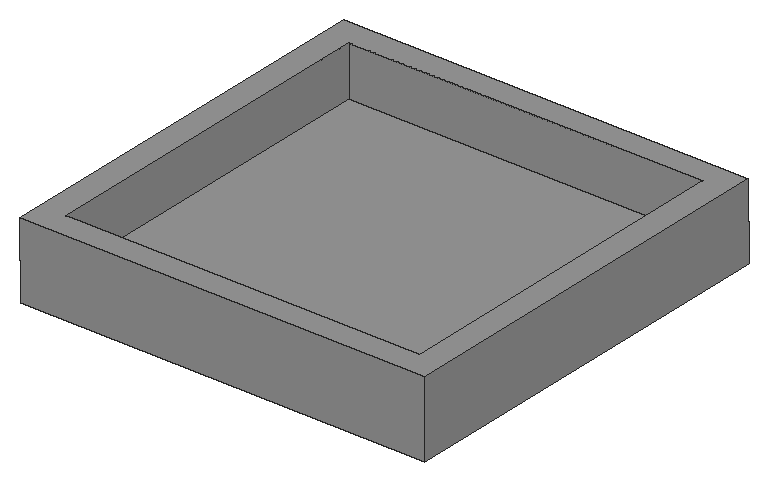
Revit family "Mop_Sink-Willoughby-WMS-32326", category Plumbing Fixtures, Revit 2015
Parameters (values of type "32326")
  Width = 2' - 8"
  Waste DIA = 1 1/2"
  Waste Connection = yes
  Void Width/Depth = Width - 0' 4"  # 2' - 4"
  Void Height = Height - 0' 0 3/16"  # 0' - 5 13/16"
  Vent Connection = no
  URL = "https://www.willoughby-ind.com/wp-content/uploads/2018/01/WMS-MOP-SINK.pdf"
  Revision = "A"
  Model = "WMS-32326"
  Manufacturer = "Willoughby Industries"
  Height = 0' - 6"
  HW Connection = no
  Fixture Body = Stainless Steel AISI 304-Willoughby
  Drain Depth = Depth / 2  # 1' - 6.42557"
  Description = "Mop Sink, 32\" X 32\" X 6\""
  Depth = 3' - 0.85113"
  Default Elevation = 0' - 0"
  Contact = "800-428-4065"
  CW Connection = no
Reference planes (in)
  plane 1 "Center (Front/Back) Floor Level": y = 0
  plane 2: z = 0
  plane 3 "Center (Left/Right)": x = 0
  plane 4 "Left Side": x = -16
  plane 5 "Right Side": x = 16
  plane 6 "Front of sink": z = 24
  plane 7 "Drain": z = 12
Forms (in)
  Extrusion 1, solid, material "Stainless Steel AISI 304-Willoughby" <- "Fixture Body"
    sketch origin (0, 38.25, -14.25) x (0, -1, 0) y (1, 0, 0)
      loop
        line (0, 16) -> (0, -16) -> (32, -16) -> (32, 16) -> (0, 16)
    from -34 to -28
  Extrusion 2, void
    sketch origin (0, 38.25, 19.75) x (-1, 0, 0) y (0, -1, 0)
      loop
        line (-14, 2) -> (14, 2) -> (14, 30) -> (-14, 30) -> (-14, 2)
    from -62 to -66
  Revolve 3, solid, material "Stainless Steel AISI 304-Willoughby" <- "Fixture Body", detail levels fine
    sketch origin (0, 26.89322, -14.25) x (0, 0, 1) y (0, -1, 0)
      loop
        line (-34.22858, 6) -> (-34, 6) -> (-34, 9.31878) -> (-34.22858, 9.31878)
        arc (-34.22858, 9.31878) -> (-34.58213, 9.17234) -> (-34.72858, 8.81878) r 0.5
        line (-34.72858, 8.81878) -> (-34.72858, 7.06878) -> (-37.72858, 7.06878) -> (-37.72858, 6) -> (-34.22858, 6)
      axis (-34, 6) -> (-37.72858, 6)
    angle from 0 to 360
Cuts and joins
  Extrusion 2 cuts Extrusion 1
Lines and regions (in)
  symbolic lines
    curve 1: line (-16, 28, 0) -> (-16, 34, 0)
    curve 2: line (-16, 34, 24) -> (-16, 34, 0)
    curve 3: line (-16, 34, 0) -> (16, 34, 0)
    curve 4: line (16, 34, 0) -> (16, 34, 24)
    curve 5: line (16, 34, 24) -> (-16, 34, 24)
    curve 12: line (0, 34, 24) -> (0, 28, 24)
    curve 13: line (0, 28, 24) -> (0, 28, 0)
    curve 14: line (0, 28, 0) -> (0, 34, 0)
    curve 15: line (0, 34, 0) -> (0, 34, 24)
    curve 16: arc (0, 28, 15) -> (0, 27.65043, 14.8552) -> (0, 27.50563, 14.50563) r 0.49437
    curve 17: line (0, 27.50563, 14.50563) -> (0, 27.50563, 9.45539)
    curve 18: arc (0, 27.50563, 9.45539) -> (0, 27.66219, 9.1277) -> (0, 28, 8.99438) r 0.49627
    curve 19: line (0, 24.5, 11.25) -> (0, 27.50563, 11.25)
    curve 20: line (0, 24.5, 11.25) -> (0, 24.5, 12.75)
    curve 21: line (0, 24.5, 12.75) -> (0, 27.50563, 12.75)
    curve 22: line (16, 34, 0) -> (16, 28, 0)
  symbolic lines, detail levels medium+fine
    curve 6: line (-14, 34, 22) -> (-14, 34, 2)
    curve 7: line (-14, 34, 2) -> (14, 34, 2)
    curve 8: line (14, 34, 2) -> (14, 34, 22)
    curve 9: line (14, 34, 22) -> (-14, 34, 22)
  symbolic lines, detail levels fine
    curve 10: circle (0, 34, 12) r 0.75 normal (0, 1, 0)
    curve 11: circle (0, 34, 12) r 3 normal (0, 1, 0)
Dimensions and locks (in)
  equal spacing: plane 4 "Left Side", plane 3 "Center (Left/Right)", plane 5 "Right Side"
  "Width": plane 4 "Left Side" to plane 5 "Right Side"
  locked: cut or joined group of Extrusion 1, Extrusion 2 to cut or joined group of Extrusion 1, Extrusion 2 at 2  (x2)
  "Width": cut or joined group of Extrusion 1, Extrusion 2 to cut or joined group of Extrusion 1, Extrusion 2
  cut or joined group of Extrusion 1, Extrusion 2 to cut or joined group of Extrusion 1, Extrusion 2 = 0' - 2"  (x2)
  "Void Width/Depth": cut or joined group of Extrusion 1, Extrusion 2 to cut or joined group of Extrusion 1, Extrusion 2  (x2)
  cut or joined group of Extrusion 1, Extrusion 2 to Revolve 3 sketch curve = 1' - 5.35678"
  "Drain Depth": cut or joined group of Extrusion 1, Extrusion 2 to Revolve 3 sketch curve
  aligned and locked: Extrusion 1 to plane 4 "Left Side"
  aligned and locked: plane 5 "Right Side" to Extrusion 1
  aligned and locked: Revolve 3 sketch curve to Revolve 3 sketch curve  (x2)
  aligned and locked: Extrusion 1 to Extrusion 2
Automatic sketch dimensions
  curve 15 to level = 0' - 0"
  curve 13 to plane 6 "Front of sink" = 0' - 0"
  curve 19 to plane 7 "Drain" = 0' - 0 3/4"
  curve 19 to curve 19 = 0' - 3.00563"
  curve 17 to curve 19 = 0' - 1.79461"
  curve 18 to curve 18 = 0' - 0.03526"
  plane 7 "Drain" to curve 21 = 0' - 0 3/4"
  curve 21 to curve 16 = 0' - 1.75563"
  Extrusion 1 sketch curve to plane 5 "Right Side" = 0' - 0"
  Extrusion 1 sketch curve to plane 4 "Left Side" = 0' - 0"
  plane 5 "Right Side" to Extrusion 2 sketch curve = 0' - 2"
  Extrusion 2 sketch curve to plane 4 "Left Side" = 0' - 2"
  curve 10 to curve 11 = 0' - 0"  (x2)
  plane 5 "Right Side" to curve 4 = 0' - 0"
  curve 10 to plane 3 "Center (Left/Right)" = 0' - 0"
  curve 3 to level = 0' - 0"
  plane 4 "Left Side" to curve 3 = 0' - 0"
  curve 10 to plane 7 "Drain" = 0' - 0"
  curve 5 to plane 6 "Front of sink" = 0' - 0"
  plane 5 "Right Side" to curve 7 = 0' - 2"
  curve 9 to plane 4 "Left Side" = 0' - 2"
  level to curve 6 = 0' - 2"
  curve 9 to plane 6 "Front of sink" = 0' - 2"
  curve 12 to curve 12 = 0' - 6"
  curve 17 to curve 18 = 0' - 0.49501"
  Extrusion 1 sketch curve to plane 1 "Center (Front/Back) Floor Level" = 0' - 6 1/4"
  curve 1 to plane 4 "Left Side" = 0' - 0"
  curve 22 to plane 5 "Right Side" = 0' - 0"
  curve 1 to curve 1 = 0' - 6"
  curve 21 to plane 1 "Center (Front/Back) Floor Level" = 2' - 0 1/2"
  curve 16 to curve 16 = 0' - 0.49437"
  Extrusion 1 sketch curve to Extrusion 1 sketch curve = 2' - 8"
  Extrusion 2 sketch curve to plane 1 "Center (Front/Back) Floor Level" = 3' - 0 1/4"
  Extrusion 2 sketch curve to Extrusion 2 sketch curve = 2' - 4"
  curve 22 to plane 1 "Center (Front/Back) Floor Level" = 2' - 10"
  curve 1 to curve 22 = 0' - 0"
  curve 22 to curve 22 = 0' - 6"
  Revolve 3 sketch curve to level = 4' - 3.97858"
  Revolve 3 sketch curve to Revolve 3 sketch curve = 0' - 3"
  Revolve 3 sketch curve to Revolve 3 sketch curve = 0' - 0 1/2"  (x2)
  Revolve 3 sketch curve to Revolve 3 sketch curve = 0' - 0.22858"
  Revolve 3 sketch curve to Revolve 3 sketch curve = 0' - 1 3/4"
  Revolve 3 sketch curve to Revolve 3 sketch curve = 0' - 0.02142"
  radius of curve 10 = 0' - 0 3/4"
  radius of curve 11 = 0' - 3"
Connectors (in)
  piping at (0, 20.89322, -51.97858), diameter 1.5, driven by "Waste DIA", driven by "Waste Connection"
    settings: on Revolve 3, index 1, connector inside diameter 24", connector length 0' - 0", flow factor 0, pipe flow 0 GPM, pressure drop 0.00 psi, fitting loss kfactor 0, connector angle 0.00°, fixture units 0, engagement length 0' - 0", angle of deflection 0.00°, flow configuration 0, flow direction 2, fitting loss method 0, system type 16, joint type 0, gender type 0, connector reference index -1, connector utility 1, adjustable connector no, is connector primary yes, connector description "Sink Waste"
